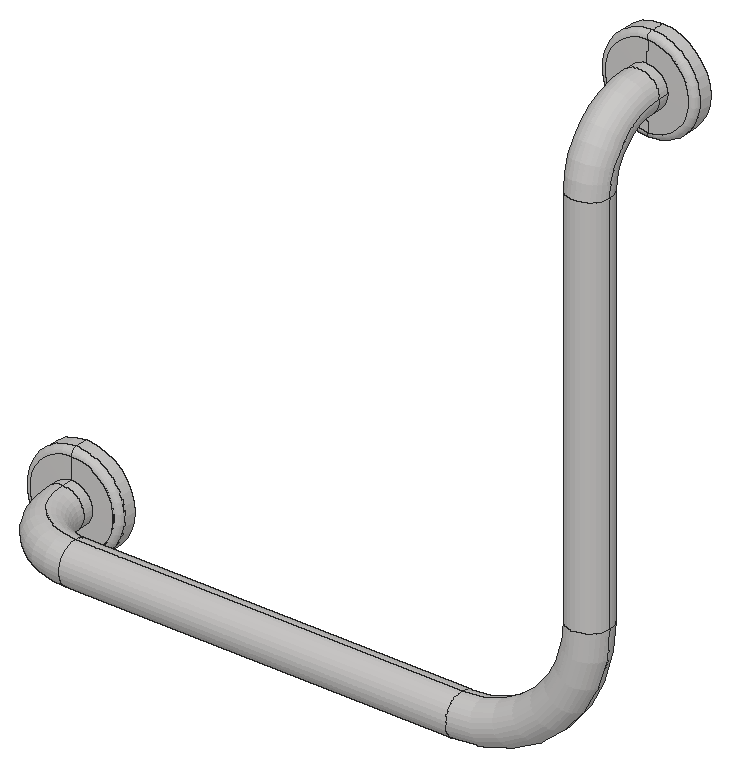
Revit family "RBA4090-450", category Plumbing Fixtures, Revit 2021
Family settings
  Round Connector Dimension = Use Diameter
  Part Type = Normal
  Work Plane-Based = No
  Always vertical = Yes
  Cut with Voids When Loaded = No
  Shared = Yes
  Room Calculation Point = No
Parameters
  Watermarked By = "www.rba.com.au"
  URL = "www.rba.com.au"
  Phone Number = ""
  OFFSET [instance] = 800.00 mm
  Modified Issue = "20180918.01"
  Model = "RBA4090-450"
  Materials and Finishes = Stainless Steel Satin Finish
  Manufacturer = "RBA Group"
  Lgth = 900.00 mm
  Diameter = 32.00 mm
  Description = "90° Ambulant Angled Grab Rail"
  Default Elevation = 0.00 mm
  Copyrighted by = "RBA Group"  # constant formula
Reference planes
  plane 1 "Center (Front/Back)": y = 0
  plane 2: z = 0
  plane 3 "Center (Left/Right)": x = 0
  plane 4: z = 800
  plane 5: z = 784
  plane 6: z = 1234
  plane 7: y = -55
  plane 8: y = -71
  plane 9: y = -87
  plane 10: x = -16
Forms (mm)
  Revolve 1, solid, material "Stainless Steel Satin Finish" <- "Materials and Finishes"
    sketch origin (0, 0, 0.016) x (0, 1, 0) y (0, 0, 1)
      loop
        line (-14.798, 1233.984) -> (0, 1233.984) -> (0, 1271.484) -> (-9.683, 1271.484)
        arc (-9.683, 1271.484) -> (-13.194, 1270.036) -> (-14.663, 1266.534) r 4.979
        arc (-14.663, 1266.534) -> (-14.721, 1258.245) -> (-14.798, 1249.984) r 3642.758
        line (-14.798, 1249.984) -> (-14.798, 1233.984)
      axis (0, 1233.984) -> (-14.798, 1233.984)
    angle from 0 to 360
  Extrusion 2, void
    sketch origin (0, 0, 0) x (1, 0, 0) y (0, 0, 1)
      loop
        circle (0, 1234) r 36
    from 0 to 2.847
  Extrusion 3, void
    sketch origin (0, 0, 0) x (1, 0, 0) y (0, 0, 1)
      loop
        circle (27.5, 1233.984) r 5
      loop
        circle (-27.5, 1233.984) r 5
    from 2.847 to 5.822
  Sweep 4, solid, material "Stainless Steel Satin Finish" <- "Materials and Finishes"
    path origin (0, 0, 0) x (0, 1, 0) y (0, 0, 1)
      loop
        line (-14.798, 1234) -> (-23, 1234)
        arc (-23, 1234) -> (-56.941, 1219.941) -> (-71, 1186) r 48
    profile origin (0, -18.899, 1234) x (0, 0, -1) y (1, 0, 0)
      loop
        circle (0, 0) r 16
  Revolve 5, solid, material "Stainless Steel Satin Finish" <- "Materials and Finishes"
    sketch origin (-450, 0, -449.984) x (0, 1, 0) y (0, 0, 1)
      loop
        line (-14.798, 1233.984) -> (0, 1233.984) -> (0, 1271.484) -> (-9.683, 1271.484)
        arc (-9.683, 1271.484) -> (-13.194, 1270.036) -> (-14.663, 1266.534) r 4.979
        arc (-14.663, 1266.534) -> (-14.721, 1258.245) -> (-14.798, 1249.984) r 3642.758
        line (-14.798, 1249.984) -> (-14.798, 1233.984)
      axis (0, 1233.984) -> (-14.798, 1233.984)
    angle from 0 to 360
  Extrusion 6, void
    sketch origin (-450, 0, -450) x (1, 0, 0) y (0, 0, 1)
      loop
        circle (0, 1234) r 36
    from 0 to 2.847
  Sweep 7, solid, material "Stainless Steel Satin Finish" <- "Materials and Finishes"
    path origin (784, 0, 784) x (0, 1, 0) y (-1, 0, 0)
      loop
        line (-14.798, 1234) -> (-23, 1234)
        arc (-23, 1234) -> (-56.941, 1219.941) -> (-71, 1186) r 48
    profile origin (-450, -18.899, 784) x (1, 0, 0) y (0, 0, 1)
      loop
        circle (0, 0) r 16
  Sweep 8, solid, material "Stainless Steel Satin Finish" <- "Materials and Finishes"
    path origin (0, -71, 0) x (1, 0, 0) y (0, 0, 1)
      loop
        line (0, 1186) -> (0, 884)
        arc (0, 884) -> (-29.289, 813.289) -> (-100, 784) r 100
        line (-100, 784) -> (-402, 784)
    profile origin (0, -71, 1035) x (0, -1, 0) y (1, 0, 0)
      loop
        circle (0, 0) r 16
  Extrusion 9, void
    sketch origin (0, 0, 0) x (1, 0, 0) y (0, 0, 1)
      loop
        circle (-477.5, 783.984) r 5
      loop
        circle (-422.5, 783.984) r 5
    from 2.847 to 5.822
Cuts and joins
  Extrusion 2, Extrusion 3 cuts Revolve 1
  Extrusion 6, Extrusion 9 cuts Revolve 5
  joined: Revolve 1, Sweep 4, Revolve 5, Sweep 7, Sweep 8
Dimensions and locks
  plane 6 to plane 5 = 450.00 mm
  aligned and locked: level to plane 2
